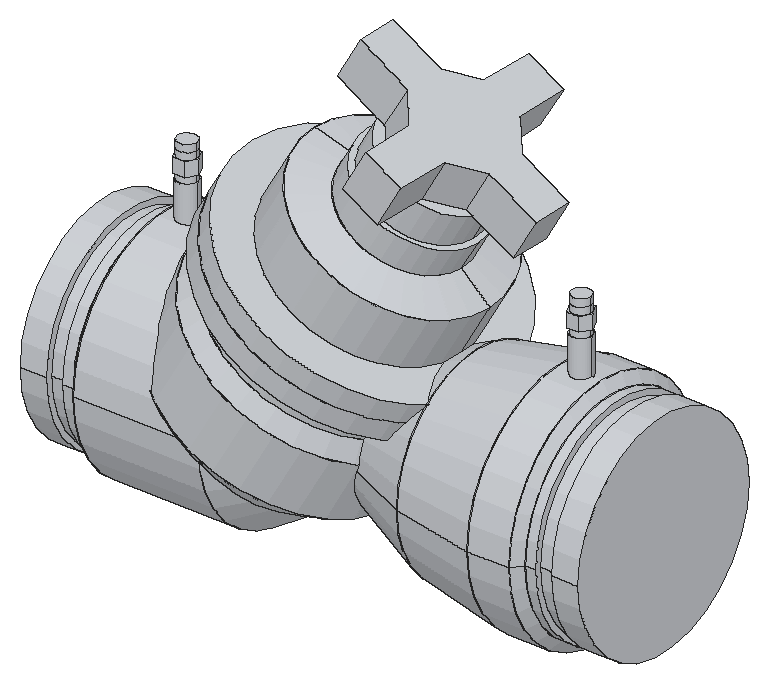
Revit family "447_d-DN300-RFA_2019", category Pipe Accessories, Revit 2019
Family settings
  Round Connector Dimension = Use Diameter
  Part Type = Valve - Breaks Into
  Work Plane-Based = No
  Always vertical = Yes
  Cut with Voids When Loaded = No
  Shared = No
Parameters (values of type "447_d-DN300")
  magiProductId = "0a2a34dba99a430aa7daf784d6b0c1"
  magiProductFamilyId = "eab8c084d85f47fc9aed3208e9defb"
  magiPartTypeId = 304
  isMeasuringValve [instance] = no
  ang2D [instance] = 0.00°
  W3 = 31.658 mm
  W2D = 100 mm
  W2 = 71.601 mm
  W1 = 30.372 mm
  VersionID = "2.0/2018.4.11.4/ZETKAMA_447_GROOVED_001"
  Use Minimum Symbol Size [instance] = yes
  URL = "www.hydronix.cz"
  Type Comments = "drážkový spoj; PN16; -10~+120°C;"
  R9 = 210.6 mm
  R8 = 89.1 mm
  R7 = 97.2 mm
  R6 = 194.4 mm
  R5 = 155 mm
  R4 = 89.1 mm
  R3 = 178.2 mm
  R2 = 153.9 mm
  R13 = 18.231 mm
  R12 = 14.268 mm
  R11 = 15.853 mm
  R1 = 162 mm
  R = 150 mm
  QmdConnectorList = "301;D;302;D"
  Productdata [instance] = ""
  Model = ""
  Manufacturer = "Hydronix"
  Maintenance Zone Under Depth [instance] = 162 mm
  Maintenance Zone Right Depth [instance] = 850 mm
  Maintenance Zone Over Depth [instance] = 535 mm
  Maintenance Zone Left Depth [instance] = 850 mm
  Maintenance Zone Front Depth [instance] = 310 mm
  Maintenance Zone Back Depth [instance] = 310 mm
  Maintenance Zone Front Visibility [instance] = no
  MC Product Code = "447 300 d (DN300; PN16 kvs1504,1)"
  MC Piping Given Pressure Drop [instance] = 0.0 Pa
  L9 = 126.825 mm
  L8__ve = -L8  # -63.413 mm
  L8 = 63.413 mm
  L6 = 190.238 mm
  L5 = 12.143 mm
  L4__ve = -L4  # -16.19 mm
  L4 = 16.19 mm
  L3__ve = -L3  # -24.286 mm
  L3 = 24.286 mm
  L2__ve = -L2  # -40.476 mm
  L2D_Min = 3048 mm
  L2D = 350 mm
  L2 = 40.476 mm
  L13 = 31.706 mm
  L12 = 30.372 mm
  L11 = 31.658 mm
  L10 = 71.601 mm
  L1 = 425 mm
  KZ = 70.833 mm
  KL = 122.687 mm
  H9 = 14.087 mm
  H8 = 91.568 mm
  H7 = 35.218 mm
  H6 = 42.262 mm
  H5 = 28.175 mm
  H4 = 105.655 mm
  H17 = 21.4 mm
  H16 = 10.7 mm
  H15 = 231.7 mm
  H14 = 70.437 mm
  H13 = 52.828 mm
  H11 = 56.349 mm
  H10 = 49.306 mm
  Description = "Ruční vyvažovací ventil s drážkovým spojem"
  D = 300 mm
  CenSd_R13_6 = R13 * cos(30.00°)  # 15.789 mm
  Clearance Zone Height Depth [instance] = 535 mm
  Clearance Zone Circular Radius [instance] = 425 mm
  Clearance Zone Visibility [instance] = no
Types (10, lengths in mm): name | magiProductId | W3 | W2 | W1 | R9 | R8 | R7 | R6 | R5 | R4 | R3 | R2 | R13 | R12 | R11 | R1 | R | Maintenance Zone Under Depth | Maintenance Zone Right Depth | Maintenance Zone Over Depth | Maintenance Zone Left Depth | Maintenance Zone Front Depth | Maintenance Zone Back Depth | MC Product Code | L9 | L8__ve | L8 | L6 | L5 | L4__ve | L4 | L3__ve | L3 | L2__ve | L2 | L13 | L12 | L11 | L10 | L1 | KZ | KL | H9 | H8 | H7 | H6 | H5 | H4 | H17 | H16 | H15 | H14 | H13 | H11 | H10 | D | CenSd_R13_6 | Clearance Zone Height Depth | Clearance Zone Circular Radius
  447_d-DN100 | "e5a6bfdd9ca54003a0551f5d760c3c" | 14.437 | 30.026 | 12.736 | 74.1 | 31.35 | 34.2 | 68.4 | 65 | 31.35 | 62.7 | 54.15 | 7.507 | 5.875 | 6.528 | 57 | 50 | 57 | 350 | 240 | 350 | 130 | 130 | "447 100 d (DN100; PN16 kvs180,5)" | 52.222 | -26.111 | 26.111 | 78.333 | 5 | -6.667 | 6.667 | -10 | 10 | -16.667 | 16.667 | 13.056 | 12.736 | 14.437 | 30.026 | 175 | 29.167 | 50.518 | 6.389 | 41.531 | 15.973 | 19.168 | 12.779 | 47.92 | 9.6 | 4.8 | 86.7 | 31.947 | 23.96 | 25.557 | 22.363 | 100 | 6.501 | 240 | 175
  447_d-DN125 | "5795ec580370482d8c46e49d975863" | 14.437 | 30.026 | 12.736 | 91.65 | 38.775 | 42.3 | 84.6 | 65 | 38.775 | 77.55 | 66.975 | 8.579 | 6.714 | 7.46 | 70.5 | 62.5 | 71 | 400 | 260 | 400 | 130 | 130 | "447 125 d (DN125; PN16 kvs280,0)" | 59.683 | -29.841 | 29.841 | 89.524 | 5.714 | -7.619 | 7.619 | -11.429 | 11.429 | -19.048 | 19.048 | 14.921 | 12.736 | 14.437 | 30.026 | 200 | 33.333 | 57.735 | 7.005 | 45.534 | 17.513 | 21.016 | 14.01 | 52.539 | 10.4 | 5.2 | 103.55 | 35.026 | 26.269 | 28.021 | 24.518 | 125 | 7.43 | 260 | 200
  447_d-DN150 | "9b6b5ad10a674c51b522359e7e2d39" | 14.437 | 30.026 | 12.736 | 109.2 | 46.2 | 50.4 | 100.8 | 65 | 46.2 | 92.4 | 79.8 | 10.295 | 8.057 | 8.952 | 84 | 75 | 84 | 480 | 285 | 480 | 130 | 130 | "447 150 d (DN150; PN16 kvs383,4)" | 71.619 | -35.81 | 35.81 | 107.429 | 6.857 | -9.143 | 9.143 | -13.714 | 13.714 | -22.857 | 22.857 | 17.905 | 12.736 | 14.437 | 30.026 | 240 | 40 | 69.282 | 7.775 | 50.537 | 19.437 | 23.325 | 15.55 | 58.312 | 11.4 | 5.7 | 120.9 | 38.875 | 29.156 | 31.1 | 27.212 | 150 | 8.916 | 285 | 240
  447_d-DN200 | "f5a67fe5c2444fc986ed7f87b9a4ed" | 31.658 | 71.601 | 30.372 | 142.35 | 60.225 | 65.7 | 131.4 | 155 | 60.225 | 120.45 | 104.025 | 12.869 | 10.071 | 11.19 | 109.5 | 100 | 110 | 600 | 480 | 600 | 310 | 310 | "447 200 d (DN200; PN16 kvs710,0)" | 89.524 | -44.762 | 44.762 | 134.286 | 8.571 | -11.429 | 11.429 | -17.143 | 17.143 | -28.571 | 28.571 | 22.381 | 30.372 | 31.658 | 71.601 | 300 | 50 | 86.603 | 12.394 | 80.56 | 30.984 | 37.181 | 24.788 | 92.953 | 19.2 | 9.6 | 168.45 | 61.969 | 46.477 | 49.575 | 43.378 | 200 | 11.145 | 480 | 300
  447_d-DN250 | "7d63ae0d28f64990bc8ce3477101ef" | 31.658 | 71.601 | 30.372 | 177.45 | 75.075 | 81.9 | 163.8 | 155 | 75.075 | 150.15 | 129.675 | 15.657 | 12.254 | 13.615 | 136.5 | 125 | 137 | 730 | 525 | 730 | 310 | 310 | "447 250 d (DN250; PN16 kvs1187,5)" | 108.921 | -54.46 | 54.46 | 163.381 | 10.429 | -13.905 | 13.905 | -20.857 | 20.857 | -34.762 | 34.762 | 27.23 | 30.372 | 31.658 | 71.601 | 365 | 60.833 | 105.366 | 13.779 | 89.566 | 34.449 | 41.338 | 27.559 | 103.346 | 21 | 10.5 | 202.65 | 68.897 | 51.673 | 55.118 | 48.228 | 250 | 13.56 | 525 | 365
  447_d-DN300 | "0a2a34dba99a430aa7daf784d6b0c1" | 31.658 | 71.601 | 30.372 | 210.6 | 89.1 | 97.2 | 194.4 | 155 | 89.1 | 178.2 | 153.9 | 18.231 | 14.268 | 15.853 | 162 | 150 | 162 | 850 | 535 | 850 | 310 | 310 | "447 300 d (DN300; PN16 kvs1504,1)" | 126.825 | -63.413 | 63.413 | 190.238 | 12.143 | -16.19 | 16.19 | -24.286 | 24.286 | -40.476 | 40.476 | 31.706 | 30.372 | 31.658 | 71.601 | 425 | 70.833 | 122.687 | 14.087 | 91.568 | 35.218 | 42.262 | 28.175 | 105.655 | 21.4 | 10.7 | 231.7 | 70.437 | 52.828 | 56.349 | 49.306 | 300 | 15.789 | 535 | 425
  447_d-DN040 | "6dc4a6b5eb924103b02307904d600f" | 9.08 | 17.092 | 7.25 | 31.2 | 13.2 | 14.4 | 28.8 | 37 | 13.2 | 26.4 | 22.8 | 4.29 | 3.357 | 3.73 | 24 | 20 | 24 | 200 | 130 | 200 | 74 | 74 | "447 040 d (DN40; PN16 kvs22,36)" | 29.841 | -14.921 | 14.921 | 44.762 | 2.857 | -3.81 | 3.81 | -5.714 | 5.714 | -9.524 | 9.524 | 7.46 | 7.25 | 9.08 | 17.092 | 100 | 16.667 | 28.868 | 3.433 | 22.317 | 8.583 | 10.3 | 6.867 | 25.75 | 5.2 | 2.6 | 39.4 | 17.167 | 12.875 | 13.733 | 12.017 | 40 | 3.715 | 130 | 100
  447_d-DN050 | "b59a3d0ad4654cda90cee0c397c848" | 9.08 | 17.092 | 7.25 | 39 | 16.5 | 18 | 36 | 37 | 16.5 | 33 | 28.5 | 4.933 | 3.861 | 4.29 | 30 | 25 | 30 | 230 | 130 | 230 | 130 | 130 | "447 050 d (DN50; PN16 kvs32,15)" | 34.317 | -17.159 | 17.159 | 51.476 | 3.286 | -4.381 | 4.381 | -6.571 | 6.571 | -10.952 | 10.952 | 8.579 | 7.25 | 9.08 | 17.092 | 115 | 19.167 | 33.198 | 3.433 | 22.317 | 8.583 | 10.3 | 6.867 | 25.75 | 5.2 | 2.6 | 46 | 17.167 | 12.875 | 13.733 | 12.017 | 50 | 4.272 | 130 | 115
  447_d-DN065 | "356db372cd37496c9ff0d3ad255dc6" | 14.437 | 30.026 | 12.736 | 49.4 | 20.9 | 22.8 | 45.6 | 65 | 20.9 | 41.8 | 36.1 | 6.22 | 4.868 | 5.409 | 38 | 32.5 | 38 | 290 | 220 | 290 | 130 | 130 | "447 065 d (DN65; PN16 kvs83,3)" | 43.27 | -21.635 | 21.635 | 64.905 | 4.143 | -5.524 | 5.524 | -8.286 | 8.286 | -13.81 | 13.81 | 10.817 | 12.736 | 14.437 | 30.026 | 145 | 24.167 | 41.858 | 5.774 | 37.528 | 14.434 | 17.321 | 11.547 | 43.301 | 8.8 | 4.4 | 63.8 | 28.868 | 21.651 | 23.094 | 20.207 | 65 | 5.387 | 220 | 145
  447_d-DN080 | "f43aa02b4841429783243073d22ea7" | 14.437 | 30.026 | 12.736 | 57.85 | 24.475 | 26.7 | 53.4 | 65 | 24.475 | 48.95 | 42.275 | 6.649 | 5.204 | 5.782 | 44.5 | 40 | 45 | 310 | 220 | 310 | 130 | 130 | "447 080 d (DN80; PN16 kvs104,3)" | 46.254 | -23.127 | 23.127 | 69.381 | 4.429 | -5.905 | 5.905 | -8.857 | 8.857 | -14.762 | 14.762 | 11.563 | 12.736 | 14.437 | 30.026 | 155 | 25.833 | 44.745 | 5.774 | 37.528 | 14.434 | 17.321 | 11.547 | 43.301 | 8.8 | 4.4 | 70.95 | 28.868 | 21.651 | 23.094 | 20.207 | 80 | 5.758 | 220 | 155
Reference planes
  plane 1 "Center (Front/Back)": y = 0
  plane 2 "XYPLANE": z = 0
  plane 3 "Center (Left/Right)": x = 0
  plane 4 "159": y = 310
  plane 5 "158": y = -310
  plane 6 "157": z = -162
  plane 7 "156": z = 535
  plane 8 "155": x = -850
  plane 9 "154": x = 850
  plane 10 "132": z = 274.5
  plane 11 "125": z = 263.8
  plane 12 "120": z = 242.4
  plane 13 "119": z = 231.7
  plane 14 "112": x = 300.198
  plane 15 "111": x = -300.198
  plane 16 "109": y = -31.658
  plane 17 "108": y = 31.658
  plane 18 "105": through (295.053, 0, 695.677) normal (0.866, 0, -0.5)
  plane 19 "104": through (242.447, 0, 726.048) normal (0.866, 0, -0.5)
  plane 20 "103": y = -71.601
  plane 21 "102": y = -30.372
  plane 22 "101": y = 71.601
  plane 23 "100": y = 30.372
  plane 24 "99": through (241.333, 0, 726.692) normal (0.866, 0, -0.5)
  plane 25 "98": through (206.742, 0, 746.663) normal (0.866, 0, -0.5)
  plane 26 "97": through (296.167, 0, 695.034) normal (0.866, 0, -0.5)
  plane 27 "96": through (330.758, 0, 675.062) normal (0.866, 0, -0.5)
  plane 28 "95": y = -155
  plane 29 "94": y = 155
  plane 30 "93": through (402.984, 0, 633.363) normal (0.866, 0, -0.5)
  plane 31 "92": through (134.516, 0, 788.363) normal (0.866, 0, -0.5)
  plane 32 "88": x = 141.667
  plane 33 "87": x = 268.492
  plane 34 "81": through (-456.016, 0, 710.157) normal (0.5, 0, 0.866)
  plane 35 "80": through (-484.191, 0, 661.357) normal (0.5, 0, 0.866)
  plane 36 "75": through (-508.844, 0, 618.657) normal (0.5, 0, 0.866)
  plane 37 "72": through (-515.888, 0, 606.457) normal (0.5, 0, 0.866)
  plane 38 "68": through (-561.671, 0, 527.157) normal (0.5, 0, 0.866)
  plane 39 "67": through (-579.281, 0, 496.657) normal (0.5, 0, 0.866)
  plane 40 "62": through (-711.349, 0, 267.907) normal (0.5, 0, 0.866)
  plane 41 "61": through (-596.89, 0, 466.157) normal (0.5, 0, 0.866)
  plane 42 "58": through (-618.021, 0, 429.557) normal (0.5, 0, 0.866)
  plane 43 "56": through (-632.108, 0, 405.157) normal (0.5, 0, 0.866)
  plane 44 "51": y = 0
  plane 45 "49": through (268.75, 0, 710.863) normal (0.866, 0, -0.5)
  plane 46 "48": through (-684.936, 0, 313.657) normal (0.5, 0, 0.866)
  plane 47 "30": x = 331.905
  plane 48 "29": x = 344.048
  plane 49 "28": x = 360.238
  plane 50 "27": x = 384.524
  plane 51 "14": x = -141.667
  plane 52 "13": x = -331.905
  plane 53 "12": x = -344.048
  plane 54 "11": x = -360.238
  plane 55 "10": x = -384.524
  plane 56 "8": x = -425
  plane 57 "7": x = 425
  plane 58 "6": y = 0
  plane 59 "5": x = 0
  plane 60 "4": z = 0
  plane 61 "45XY": through (-649.519, 0, 375) normal (0.5, 0, 0.866)
  plane 62 "45XZ": y = 0
  plane 63 "45YZ": through (375, 0, 649.519) normal (0.866, 0, -0.5)
Forms (mm)
  Blend 1, solid, visible <- "Maintenance Zone Front Visibility"
    base sketch origin (-750, 0, -162) x (1, 0, 0) y (0, 1, 0)
      loop
        line (-100, 310) -> (-100, -310) -> (1600, -310) -> (1600, 310) -> (-100, 310)
    top sketch origin (-750, 0, -162) x (1, 0, 0) y (0, 1, 0)
      loop
        line (-100, 310) -> (-100, -310) -> (1600, -310) -> (1600, 310) -> (-100, 310)
    from 0 to 697
  Extrusion 2, solid, visible <- "Clearance Zone Visibility"
    sketch origin (-750, 0, 0) x (1, 0, 0) y (0, 1, 0)
      loop
        circle (750, 0) r 425
    from 0 to 535 <- "Clearance Zone Height Depth"
  Extrusion 3, solid
    sketch origin (-750, 0, 274.5) x (1, 0, 0) y (0, 1, 0)
      loop
        circle (1050.198, 0) r 14.268
    from 0 to 10.7 <- "H16"
  Extrusion 4, solid
    sketch origin (-750, 0, 263.8) x (1, 0, 0) y (0, 1, 0)
      loop
        circle (1050.198, 0) r 14.268
    from 0 to 10.7 <- "H16"
  Extrusion 5, solid
    sketch origin (-750, 0, 274.5) x (1, 0, 0) y (0, 1, 0)
      loop
        circle (449.802, 0) r 14.268
    from 0 to 10.7 <- "H16"
  Extrusion 6, solid
    sketch origin (-750, 0, 263.8) x (1, 0, 0) y (0, 1, 0)
      loop
        circle (449.802, 0) r 14.268
    from 0 to 10.7 <- "H16"
  Extrusion 7, solid
    sketch origin (-750, 0, 242.4) x (1, 0, 0) y (0, 1, 0)
      loop
        line (1068.43, 0) -> (1059.314, 15.789) -> (1041.083, 15.789) -> (1031.967, 0) -> (1041.083, -15.789) -> (1059.314, -15.789) -> (1068.43, 0)
    from 0 to 21.4 <- "H17"
  Extrusion 8, solid
    sketch origin (-750, 0, 242.4) x (1, 0, 0) y (0, 1, 0)
      loop
        line (468.033, 0) -> (458.917, 15.789) -> (440.686, 15.789) -> (431.57, 0) -> (440.686, -15.789) -> (458.917, -15.789) -> (468.033, 0)
    from 0 to 21.4 <- "H17"
  Extrusion 9, solid
    sketch origin (-750, 0, 231.7) x (1, 0, 0) y (0, 1, 0)
      loop
        circle (1050.198, 0) r 14.268
    from 0 to 10.7 <- "H16"
  Extrusion 10, solid
    sketch origin (-750, 0, 231.7) x (1, 0, 0) y (0, 1, 0)
      loop
        circle (449.802, 0) r 14.268
    from 0 to 10.7 <- "H16"
  Extrusion 11, solid
    sketch origin (-750, 0, 0) x (1, 0, 0) y (0, 1, 0)
      loop
        circle (1050.198, 0) r 15.853
    from 0 to 231.7 <- "H15"
  Extrusion 12, solid
    sketch origin (-750, 0, 0) x (1, 0, 0) y (0, 1, 0)
      loop
        circle (449.802, 0) r 15.853
    from 0 to 231.7 <- "H15"
  Extrusion 13, solid
    sketch origin (-456.016, 0, 710.157) x (0.866025, 0, -0.5) y (0, 1, 0)
      loop
        line (472.313, 30.372) -> (472.313, -30.372) -> (555.712, -31.658) -> (595.655, -71.601) -> (596.941, -155) -> (657.685, -155) -> (658.971, -71.601) -> (698.914, -31.658) -> (782.313, -30.372) -> (782.313, 30.372) -> (698.914, 31.658) -> (658.971, 71.601) -> (657.685, 155) -> (596.941, 155) -> (595.655, 71.601) -> (555.712, 31.658) -> (472.313, 30.372)
    from 0 to 70.437 <- "H14"
  Blend 14, solid
    base sketch origin (268.492, -750, 0) x (0, 1, 0) y (0, 0, 1)
      loop
        circle (750, 0) r 178.2
    top sketch origin (268.492, -750, 0) x (0, 1, 0) y (0, 0, 1)
      loop
        circle (750, 0) r 153.9
    from 0 to -126.825
  Extrusion 15, solid
    sketch origin (-579.281, 0, 496.657) x (0.866025, 0, -0.5) y (0, 1, 0)
      loop
        circle (627.313, 0) r 210.6
    from 0 to 35.218 <- "H7"
  Extrusion 16, solid
    sketch origin (-596.89, 0, 466.157) x (0.866025, 0, -0.5) y (0, 1, 0)
      loop
        circle (627.313, 0) r 210.6
    from 0 to 35.218 <- "H7"
  Extrusion 17, solid
    sketch origin (-484.191, 0, 661.357) x (0.866025, 0, -0.5) y (0, 1, 0)
      loop
        circle (627.313, 0) r 89.1
    from 0 to 56.349 <- "H11"
  Blend 18, solid
    base sketch origin (-515.888, 0, 606.457) x (0.866025, 0, -0.5) y (0, 1, 0)
      loop
        circle (627.313, 0) r 153.9
    top sketch origin (-515.888, 0, 606.457) x (0.866025, 0, -0.5) y (0, 1, 0)
      loop
        circle (627.313, 0) r 97.2
    from 0 to 14.087
  Extrusion 19, solid
    sketch origin (-561.671, 0, 527.157) x (0.866025, 0, -0.5) y (0, 1, 0)
      loop
        circle (627.313, 0) r 153.9
    from 0 to 91.568 <- "H8"
  Extrusion 20, solid
    sketch origin (-508.844, 0, 618.657) x (0.866025, 0, -0.5) y (0, 1, 0)
      loop
        circle (627.313, 0) r 97.2
    from 0 to 49.306 <- "H10"
  Blend 21, solid
    base sketch origin (-684.936, 0, 313.657) x (0.866025, 0, -0.5) y (0, 1, 0)
      loop
        circle (627.313, 0) r 194.4
    top sketch origin (-684.936, 0, 313.657) x (0.866025, 0, -0.5) y (0, 1, 0)
      loop
        circle (627.313, 0) r 150
    from 0 to -52.828
  Extrusion 22, solid
    sketch origin (-618.021, 0, 429.557) x (0.866025, 0, -0.5) y (0, 1, 0)
      loop
        circle (627.313, 0) r 178.2
    from 0 to 42.262 <- "H6"
  Blend 23, solid
    base sketch origin (-632.108, 0, 405.157) x (0.866025, 0, -0.5) y (0, 1, 0)
      loop
        circle (627.313, 0) r 194.4
    top sketch origin (-632.108, 0, 405.157) x (0.866025, 0, -0.5) y (0, 1, 0)
      loop
        circle (627.313, 0) r 178.2
    from 0 to 28.175
  Extrusion 24, solid
    sketch origin (-684.936, 0, 313.657) x (0.866025, 0, -0.5) y (0, 1, 0)
      loop
        circle (627.313, 0) r 194.4
    from 0 to 105.655 <- "H4"
  Extrusion 25, solid
    sketch origin (425, -750, 0) x (0, 1, 0) y (0, 0, 1)
      loop
        circle (750, 0) r 162
    from 0 to -40.476 <- "L2__ve"
  Extrusion 26, solid
    sketch origin (384.524, -750, 0) x (0, 1, 0) y (0, 0, 1)
      loop
        circle (750, 0) r 153.9
    from 0 to -24.286 <- "L3__ve"
  Extrusion 27, solid
    sketch origin (360.238, -750, 0) x (0, 1, 0) y (0, 0, 1)
      loop
        circle (750, 0) r 162
    from 0 to -16.19 <- "L4__ve"
  Blend 28, solid
    base sketch origin (344.048, -750, 0) x (0, 1, 0) y (0, 0, 1)
      loop
        circle (750, 0) r 162
    top sketch origin (344.048, -750, 0) x (0, 1, 0) y (0, 0, 1)
      loop
        circle (750, 0) r 178.2
    from 0 to -12.143
  Extrusion 29, solid
    sketch origin (331.905, -750, 0) x (0, 1, 0) y (0, 0, 1)
      loop
        circle (750, 0) r 178.2
    from 0 to -63.413 <- "L8__ve"
  Blend 30, solid
    base sketch origin (141.667, -750, 0) x (0, 1, 0) y (0, 0, 1)
      loop
        circle (750, 0) r 153.9
    top sketch origin (141.667, -750, 0) x (0, 1, 0) y (0, 0, 1)
      loop
        circle (750, 0) r 89.1
    from 0 to -141.667
  Blend 31, solid
    base sketch origin (-141.667, -750, 0) x (0, 1, 0) y (0, 0, 1)
      loop
        circle (750, 0) r 178.2
    top sketch origin (-141.667, -750, 0) x (0, 1, 0) y (0, 0, 1)
      loop
        circle (750, 0) r 89.1
    from 0 to 141.667
  Extrusion 32, solid
    sketch origin (-331.905, -750, 0) x (0, 1, 0) y (0, 0, 1)
      loop
        circle (750, 0) r 178.2
    from 0 to 190.238 <- "L6"
  Blend 33, solid
    base sketch origin (-344.048, -750, 0) x (0, 1, 0) y (0, 0, 1)
      loop
        circle (750, 0) r 162
    top sketch origin (-344.048, -750, 0) x (0, 1, 0) y (0, 0, 1)
      loop
        circle (750, 0) r 178.2
    from 0 to 12.143
  Extrusion 34, solid
    sketch origin (-360.238, -750, 0) x (0, 1, 0) y (0, 0, 1)
      loop
        circle (750, 0) r 162
    from 0 to 16.19 <- "L4"
  Extrusion 35, solid
    sketch origin (-384.524, -750, 0) x (0, 1, 0) y (0, 0, 1)
      loop
        circle (750, 0) r 153.9
    from 0 to 24.286 <- "L3"
  Extrusion 36, solid
    sketch origin (-425, -750, 0) x (0, 1, 0) y (0, 0, 1)
      loop
        circle (750, 0) r 162
    from 0 to 40.476 <- "L2"
  Extrusion 37, solid, not visible
    sketch origin (-425, -750, 0) x (0, 1, 0) y (0, 0, 1)
      loop
        circle (750, 0) r 27.635
    from 0 to 10
  Extrusion 38, solid, not visible
    sketch origin (425, -750, 0) x (0, 1, 0) y (0, 0, 1)
      loop
        circle (750, 0) r 27.635
    from 0 to -10
Lines and regions (mm)
  reference lines, not visible
    curve 1: circle (2, 2, 0) r 1 normal (0, 0, 1)
  reference lines
    curve 2: line (300.198, 0, 242.4) -> (298.322, 3.251, 242.4)
    curve 3: line (300.198, 0, 242.4) -> (296.445, 0, 242.4)
    curve 4: line (300.198, 0, 242.4) -> (298.322, -3.251, 242.4)
    curve 5: line (-300.198, 0, 242.4) -> (-302.075, 3.251, 242.4)
    curve 6: line (-300.198, 0, 242.4) -> (-303.952, 0, 242.4)
    curve 7: line (-300.198, 0, 242.4) -> (-302.075, -3.251, 242.4)
Dimensions and locks
  plane 1 "Center (Front/Back)" to curve 1 = 2 mm
  "Maintenance Zone Back Depth": plane 1 "Center (Front/Back)" to plane 4 "159"
  "Maintenance Zone Front Depth": plane 1 "Center (Front/Back)" to plane 5 "158"
  "Maintenance Zone Under Depth": plane 2 "XYPLANE" to plane 6 "157"
  "Maintenance Zone Over Depth": plane 2 "XYPLANE" to plane 7 "156"
  "Maintenance Zone Left Depth": plane 3 "Center (Left/Right)" to plane 8 "155"
  "Maintenance Zone Right Depth": plane 3 "Center (Left/Right)" to plane 9 "154"
  "H16": plane 11 "125" to plane 10 "132"
  "H17": plane 12 "120" to plane 11 "125"
  "H16": plane 13 "119" to plane 12 "120"
  "H15": plane 2 "XYPLANE" to plane 13 "119"
  "L13": plane 47 "30" to plane 14 "112"
  "L13": plane 52 "13" to plane 15 "111"
  "W3": plane 44 "51" to plane 16 "109"
  "W3": plane 44 "51" to plane 17 "108"
  "L12": plane 45 "49" to plane 18 "105"
  "L12": plane 45 "49" to plane 19 "104"
  "W2": plane 58 "6" to plane 20 "103"
  "W1": plane 58 "6" to plane 21 "102"
  "W2": plane 58 "6" to plane 22 "101"
  "W1": plane 58 "6" to plane 23 "100"
  "L11": plane 45 "49" to plane 24 "99"
  "L10": plane 45 "49" to plane 25 "98"
  "L11": plane 45 "49" to plane 26 "97"
  "L10": plane 45 "49" to plane 27 "96"
  "R5": plane 58 "6" to plane 28 "95"
  "R5": plane 58 "6" to plane 29 "94"
  "R5": plane 45 "49" to plane 30 "93"
  "R5": plane 45 "49" to plane 31 "92"
  "L9": plane 33 "87" to plane 32 "88"
  "L8": plane 47 "30" to plane 33 "87"
  "H11": plane 35 "80" to plane 34 "81"
  "H10": plane 36 "75" to plane 35 "80"
  "H9": plane 37 "72" to plane 36 "75"
  "H8": plane 38 "68" to plane 37 "72"
  "H7": plane 39 "67" to plane 38 "68"
  "H7": plane 41 "61" to plane 39 "67"
  "H13": plane 46 "48" to plane 40 "62"
  "H6": plane 42 "58" to plane 41 "61"
  "H5": plane 43 "56" to plane 42 "58"
  "H4": plane 46 "48" to plane 43 "56"
  locked: plane 58 "6" to plane 44 "51"
  "KL": plane 63 "45YZ" to plane 45 "49"
  "KZ": plane 61 "45XY" to plane 46 "48"
  "L5": plane 48 "29" to plane 47 "30"
  "L4": plane 49 "28" to plane 48 "29"
  "L3": plane 50 "27" to plane 49 "28"
  "L2": plane 57 "7" to plane 50 "27"
  "L6": plane 52 "13" to plane 51 "14"
  "L5": plane 53 "12" to plane 52 "13"
  "L4": plane 54 "11" to plane 53 "12"
  "L3": plane 55 "10" to plane 54 "11"
  "L2": plane 56 "8" to plane 55 "10"
  "L1": plane 3 "Center (Left/Right)" to plane 56 "8"
  "L1": plane 3 "Center (Left/Right)" to plane 57 "7"
  locked: plane 1 "Center (Front/Back)" to plane 58 "6"
  locked: plane 3 "Center (Left/Right)" to plane 59 "5"
  locked: plane 2 "XYPLANE" to plane 60 "4"
  Blend 1 sketch curve to Blend 1 sketch curve = 0 mm  (x16)
  "CenSd_R13_6": curve 2 to Extrusion 7 sketch curve  (x2)
  "CenSd_R13_6": curve 3 to Extrusion 7 sketch curve  (x2)
  "CenSd_R13_6": curve 4 to Extrusion 7 sketch curve  (x2)
  Extrusion 7 sketch curve to Extrusion 7 sketch curve = 0 mm  (x12)
  "CenSd_R13_6": curve 5 to Extrusion 8 sketch curve  (x2)
  "CenSd_R13_6": curve 6 to Extrusion 8 sketch curve  (x2)
  "CenSd_R13_6": curve 7 to Extrusion 8 sketch curve  (x2)
  Extrusion 8 sketch curve to Extrusion 8 sketch curve = 0 mm  (x12)
  Extrusion 13 sketch curve to Extrusion 13 sketch curve = 0 mm  (x32)
  "Clearance Zone Circular Radius": radius of Extrusion 2 sketch curve
  "R12": radius of Extrusion 3 sketch curve
  "R12": radius of Extrusion 4 sketch curve
  "R12": radius of Extrusion 5 sketch curve
  "R12": radius of Extrusion 6 sketch curve
  "R12": radius of Extrusion 9 sketch curve
  "R12": radius of Extrusion 10 sketch curve
  "R11": radius of Extrusion 11 sketch curve
  "R11": radius of Extrusion 12 sketch curve
  "R2": radius of Blend 14 sketch curve
  "R3": radius of Blend 14 sketch curve
  "R9": radius of Extrusion 15 sketch curve
  "R9": radius of Extrusion 16 sketch curve
  "R8": radius of Extrusion 17 sketch curve
  "R7": radius of Blend 18 sketch curve
  "R2": radius of Blend 18 sketch curve
  "R2": radius of Extrusion 19 sketch curve
  "R7": radius of Extrusion 20 sketch curve
  "R": radius of Blend 21 sketch curve
  "R6": radius of Blend 21 sketch curve
  "R3": radius of Extrusion 22 sketch curve
  "R3": radius of Blend 23 sketch curve
  "R6": radius of Blend 23 sketch curve
  "R6": radius of Extrusion 24 sketch curve
  "R1": radius of Extrusion 25 sketch curve
  "R2": radius of Extrusion 26 sketch curve
  "R1": radius of Extrusion 27 sketch curve
  "R3": radius of Blend 28 sketch curve
  "R1": radius of Blend 28 sketch curve
  "R3": radius of Extrusion 29 sketch curve
  "R4": radius of Blend 30 sketch curve
  "R2": radius of Blend 30 sketch curve
  "R4": radius of Blend 31 sketch curve
  "R3": radius of Blend 31 sketch curve
  "R3": radius of Extrusion 32 sketch curve
  "R3": radius of Blend 33 sketch curve
  "R1": radius of Blend 33 sketch curve
  "R1": radius of Extrusion 34 sketch curve
  "R2": radius of Extrusion 35 sketch curve
  "R1": radius of Extrusion 36 sketch curve
  locked: curve 3 to curve 2 (angle 60.00°)
  locked: curve 4 to curve 3 (angle 60.00°)
  locked: curve 4 to curve 2 (angle 120.00°)
  locked: curve 6 to curve 5 (angle 60.00°)
  locked: curve 7 to curve 6 (angle 60.00°)
  locked: curve 7 to curve 5 (angle 120.00°)
  aligned and locked: level to plane 2 "XYPLANE"
  aligned and locked: Blend 1 sketch curve to plane 8 "155"  (x2)
  aligned and locked: plane 4 "159" to Blend 1 sketch curve  (x2)
  aligned and locked: plane 5 "158" to Blend 1 sketch curve  (x2)
  aligned and locked: plane 8 "155" to Blend 1 sketch curve  (x2)
  aligned and locked: plane 9 "154" to Blend 1 sketch curve  (x4)
  aligned and locked: Blend 1 sketch curve to plane 5 "158"  (x2)
  aligned and locked: Blend 1 sketch curve to plane 4 "159"  (x2)
  aligned and locked: Blend 1 to plane 7 "156"
  aligned and locked: plane 58 "6" to Extrusion 2 sketch curve
  aligned and locked: plane 59 "5" to Extrusion 2 sketch curve
  aligned and locked: plane 14 "112" to Extrusion 3 sketch curve
  aligned and locked: plane 58 "6" to Extrusion 3 sketch curve
  aligned and locked: plane 14 "112" to Extrusion 4 sketch curve
  aligned and locked: plane 58 "6" to Extrusion 4 sketch curve
  aligned and locked: plane 15 "111" to Extrusion 5 sketch curve
  aligned and locked: plane 58 "6" to Extrusion 5 sketch curve
  aligned and locked: plane 15 "111" to Extrusion 6 sketch curve
  aligned and locked: plane 58 "6" to Extrusion 6 sketch curve
  aligned and locked: plane 14 "112" to curve 4
  aligned and locked: plane 58 "6" to curve 4
  aligned and locked: plane 15 "111" to curve 6
  aligned and locked: plane 58 "6" to curve 6
  aligned and locked: plane 14 "112" to Extrusion 9 sketch curve
  aligned and locked: plane 58 "6" to Extrusion 9 sketch curve
  aligned and locked: plane 15 "111" to Extrusion 10 sketch curve
  aligned and locked: plane 58 "6" to Extrusion 10 sketch curve
  aligned and locked: plane 14 "112" to Extrusion 11 sketch curve
  aligned and locked: plane 58 "6" to Extrusion 11 sketch curve
  aligned and locked: plane 15 "111" to Extrusion 12 sketch curve
  aligned and locked: plane 58 "6" to Extrusion 12 sketch curve
  aligned and locked: Extrusion 13 sketch curve to plane 31 "92"  (x2)
  aligned and locked: plane 23 "100" to Extrusion 13 sketch curve  (x2)
  aligned and locked: plane 21 "102" to Extrusion 13 sketch curve  (x2)
  aligned and locked: plane 16 "109" to Extrusion 13 sketch curve  (x2)
  aligned and locked: Extrusion 13 sketch curve to plane 25 "98"
  aligned and locked: plane 20 "103" to Extrusion 13 sketch curve  (x2)
  aligned and locked: Extrusion 13 sketch curve to plane 24 "99"
  aligned and locked: plane 28 "95" to Extrusion 13 sketch curve  (x2)
  aligned and locked: Extrusion 13 sketch curve to plane 19 "104"
  aligned and locked: Extrusion 13 sketch curve to plane 18 "105"
  aligned and locked: Extrusion 13 sketch curve to plane 26 "97"
  aligned and locked: Extrusion 13 sketch curve to plane 27 "96"
  aligned and locked: Extrusion 13 sketch curve to plane 30 "93"
  aligned and locked: plane 30 "93" to Extrusion 13 sketch curve
  aligned and locked: plane 17 "108" to Extrusion 13 sketch curve  (x2)
  aligned and locked: plane 27 "96" to Extrusion 13 sketch curve
  aligned and locked: plane 22 "101" to Extrusion 13 sketch curve  (x2)
  aligned and locked: plane 26 "97" to Extrusion 13 sketch curve
  aligned and locked: plane 18 "105" to Extrusion 13 sketch curve
  aligned and locked: plane 29 "94" to Extrusion 13 sketch curve  (x2)
  aligned and locked: plane 19 "104" to Extrusion 13 sketch curve
  aligned and locked: plane 24 "99" to Extrusion 13 sketch curve
  aligned and locked: plane 25 "98" to Extrusion 13 sketch curve
  aligned and locked: Blend 14 sketch curve to plane 58 "6"  (x2)
  aligned and locked: plane 60 "4" to Blend 14 sketch curve  (x2)
  aligned and locked: Blend 14 to plane 32 "88"
  aligned and locked: plane 44 "51" to Extrusion 15 sketch curve
  aligned and locked: Extrusion 15 sketch curve to plane 45 "49"
  aligned and locked: plane 44 "51" to Extrusion 16 sketch curve
  aligned and locked: Extrusion 16 sketch curve to plane 45 "49"
  aligned and locked: plane 44 "51" to Extrusion 17 sketch curve
  aligned and locked: Extrusion 17 sketch curve to plane 45 "49"
  aligned and locked: plane 44 "51" to Blend 18 sketch curve  (x2)
  aligned and locked: Blend 18 sketch curve to plane 45 "49"  (x2)
  aligned and locked: plane 36 "75" to Blend 18
  aligned and locked: plane 44 "51" to Extrusion 19 sketch curve
  aligned and locked: Extrusion 19 sketch curve to plane 45 "49"
  aligned and locked: plane 44 "51" to Extrusion 20 sketch curve
  aligned and locked: Extrusion 20 sketch curve to plane 45 "49"
  aligned and locked: plane 44 "51" to Blend 21 sketch curve  (x2)
  aligned and locked: Blend 21 sketch curve to plane 45 "49"  (x2)
  aligned and locked: Blend 21 to plane 40 "62"
  aligned and locked: plane 44 "51" to Extrusion 22 sketch curve
  aligned and locked: Extrusion 22 sketch curve to plane 45 "49"
  aligned and locked: plane 44 "51" to Blend 23 sketch curve  (x2)
  aligned and locked: Blend 23 sketch curve to plane 45 "49"  (x2)
  aligned and locked: plane 42 "58" to Blend 23
  aligned and locked: plane 44 "51" to Extrusion 24 sketch curve
  aligned and locked: Extrusion 24 sketch curve to plane 45 "49"
  aligned and locked: Extrusion 25 sketch curve to plane 58 "6"
  aligned and locked: plane 60 "4" to Extrusion 25 sketch curve
  aligned and locked: Extrusion 26 sketch curve to plane 58 "6"
  aligned and locked: plane 60 "4" to Extrusion 26 sketch curve
  aligned and locked: Extrusion 27 sketch curve to plane 58 "6"
  aligned and locked: plane 60 "4" to Extrusion 27 sketch curve
  aligned and locked: Blend 28 sketch curve to plane 58 "6"  (x2)
  aligned and locked: plane 60 "4" to Blend 28 sketch curve  (x2)
  aligned and locked: Blend 28 to plane 47 "30"
  aligned and locked: Extrusion 29 sketch curve to plane 58 "6"
  aligned and locked: plane 60 "4" to Extrusion 29 sketch curve
  aligned and locked: Blend 30 sketch curve to plane 58 "6"  (x2)
  aligned and locked: plane 60 "4" to Blend 30 sketch curve  (x2)
  aligned and locked: Blend 30 to plane 59 "5"
  aligned and locked: Blend 31 sketch curve to plane 58 "6"  (x2)
  aligned and locked: plane 60 "4" to Blend 31 sketch curve  (x2)
  aligned and locked: plane 59 "5" to Blend 31
  aligned and locked: Extrusion 32 sketch curve to plane 58 "6"
  aligned and locked: plane 60 "4" to Extrusion 32 sketch curve
  aligned and locked: Blend 33 sketch curve to plane 58 "6"  (x2)
  aligned and locked: plane 60 "4" to Blend 33 sketch curve  (x2)
  aligned and locked: plane 52 "13" to Blend 33
  aligned and locked: Extrusion 34 sketch curve to plane 58 "6"
  aligned and locked: plane 60 "4" to Extrusion 34 sketch curve
  aligned and locked: Extrusion 35 sketch curve to plane 58 "6"
  aligned and locked: plane 60 "4" to Extrusion 35 sketch curve
  aligned and locked: Extrusion 36 sketch curve to plane 58 "6"
  aligned and locked: plane 60 "4" to Extrusion 36 sketch curve
  aligned and locked: Extrusion 37 sketch curve to plane 58 "6"
  aligned and locked: plane 60 "4" to Extrusion 37 sketch curve
  aligned and locked: Extrusion 38 sketch curve to plane 58 "6"
  aligned and locked: plane 60 "4" to Extrusion 38 sketch curve
Automatic sketch dimensions
  plane 21 "102" to Extrusion 37 sketch curve = 2.736 mm
  plane 21 "102" to Extrusion 38 sketch curve = 2.736 mm
  plane 3 "Center (Left/Right)" to curve 1 = 2 mm
  radius of curve 1 = 1 mm
Connectors
  piping at (-425, 0, 0), diameter 300, driven by "D"
    settings: on Extrusion 37, index 1, connector inside diameter 609.6 mm, connector length 0 mm, flow factor 0, pipe flow 0.0 L/s, pressure drop 0.0 Pa, fitting loss kfactor 0, connector angle 0.00°, fixture units 0, engagement length 0 mm, angle of deflection 0.00°, flow configuration 0, flow direction 0, fitting loss method 0, system type 29, joint type 0, gender type 0, connector reference index 2, connector utility 0, adjustable connector no, is connector primary yes, connector description ""
  piping at (425, 0, 0), diameter 300, driven by "D"
    settings: on Extrusion 38, index 2, connector inside diameter 609.6 mm, connector length 0 mm, flow factor 0, pipe flow 0.0 L/s, pressure drop 0.0 Pa, fitting loss kfactor 0, connector angle 0.00°, fixture units 0, engagement length 0 mm, angle of deflection 0.00°, flow configuration 0, flow direction 0, fitting loss method 0, system type 29, joint type 0, gender type 0, connector reference index 1, connector utility 0, adjustable connector no, is connector primary no, connector description ""
